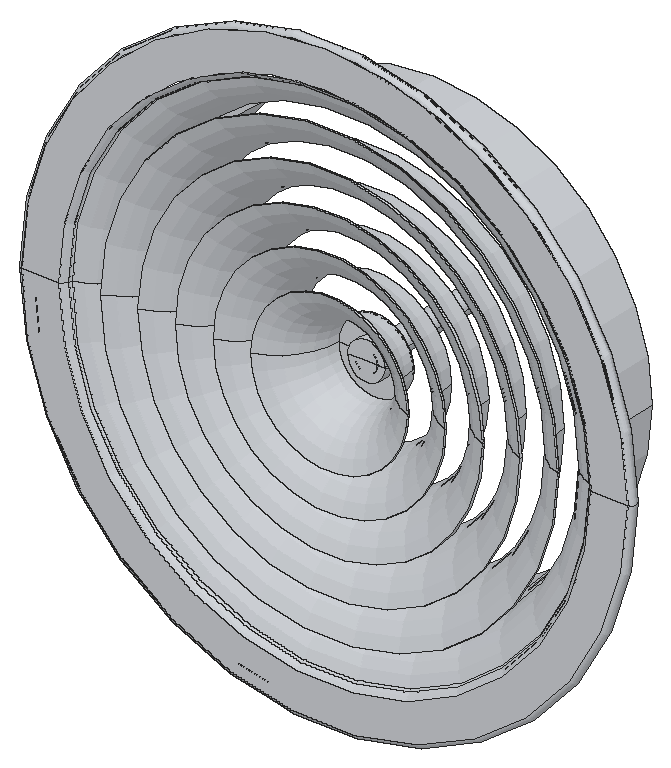
Revit family "04501_TOR", category Air Terminals, Revit 2012
Parameters (values of type "TOR")
  Visible_Texto = or(not(or(Tamaño = 6", Tamaño = 8", Tamaño = 10", Tamaño = 12", Tamaño = 14", Tamaño = 16")), and(Tamaño < 6", Tamaño > 16"))  # no
  URL = "https://www.innes.com.mx"
  Type Comments = "Difusor Arquitectónico"
  Tipo de Cuello = "Redondo"
  Tamaño = 10"
  Posición de Instalación = "Techo"
  Nota1 = if(Tamaño < 6", "Tamaño no disponible, mínimo 6 in", if(Tamaño > 16", "Tamaño no disponible, máximo 16 in", if(or(Tamaño = 6", Tamaño = 8", Tamaño = 10", Tamaño = 12", Tamaño = 14", Tamaño = 16"), ".", " Tamaño no Válido. Sólo incrementos de 2 in ")))  # "."
  Model = "TOR"
  Material de Difusor = "Aluminio"
  Manufacturer = "INNES"
  Incrementos de Cuello = "de 2\""
  Función = "Inyección"
  DiametroCuello_Real = if(or(Tamaño < 6", Tamaño = 6"), 5 7/8", if(or(and(Tamaño > 6", Tamaño < 8"), Tamaño = 8"), 7 7/8", if(or(and(Tamaño > 8", Tamaño < 10"), Tamaño = 10"), 9 7/8", if(or(and(Tamaño > 10", Tamaño < 12"), Tamaño = 12"), 11 7/8", if(or(and(Tamaño > 12", Tamaño < 14"), Tamaño = 14"), 13 7/8", if(Tamaño > 14", 15 7/8", 5 7/8"))))))  # 9 7/8"
  Description = "Difusor Redondo"
  Cuello Mín-Máx. = "6\" a 16\""
  Conect = DiametroCuello_Real / 2  # 4 15/16"
Reference planes (in)
  plane 1 "Center (Front/Back)": y = 3.25
  plane 2: z = 0
  plane 3 "Center (Left/Right)": x = 0
Dimensions and locks (in)
  aligned and locked: nested 1 to plane 1 "Center (Front/Back)"
Nested families (in)
  nested 1: "TOR" at (0, 0.1875, 0), type "TOR"
    with Diametro_Cuello_A 9 7/8", Cota_C 3 1/16", Cota_B 13 7/8"
  nested 2: "Texto" at (-3.20371, -76.62386, 0), type "texto"
    with Visible_Texto no
Connectors (in)
  hvac at (0, 3.25, 0), driven by "Conect"
    settings: index 1, duct flow 0.0 L/s, flow factor 0, pres drop 0.0 Pa, loss coef 0, conn angle 0.00°, conn width 304.8 mm, conn height 304.8 mm, conn radius 125.413 mm, duct sys type 1, conn prof type 0, flow config 0, flow direction 0, loss method 0, conn ref index -1, conn util no, is conn primary yes, conn desc ""
Definition of nested family "TOR"
  Parameters (values of type "Tamaño 12")
    Diametro_Cuello_A = 11 7/8"
    Cota_C = if(Diametro_Cuello_A = 5 7/8", 3 3/4", if(or(Diametro_Cuello_A = 7 7/8", Diametro_Cuello_A = 9 7/8"), 3 1/16", if(Diametro_Cuello_A = 11 7/8", 3 3/4", if(or(Diametro_Cuello_A = 13 7/8", Diametro_Cuello_A = 15 7/8"), 3 1/4", 3 3/4"))))  # 3 3/4"
    Cota_B = if(Diametro_Cuello_A = 5 7/8", 10 3/8", if(Diametro_Cuello_A = 7 7/8", 11 15/16", if(Diametro_Cuello_A = 9 7/8", 13 7/8", if(Diametro_Cuello_A = 11 7/8", 16 7/16", if(Diametro_Cuello_A = 13 7/8", 18 1/16", if(Diametro_Cuello_A = 15 7/8", 19 11/16", 10 3/8"))))))  # 16 7/16"
  Types (7): name | Diametro_Cuello_A | Cota_C | Cota_B
    (no name) | 11 7/8" | 3 3/4" | 16 7/16"
    Tamaño 14 | 13 7/8" | 3 1/4" | 18 1/16"
    Tamaño 12 | 11 7/8" | 3 3/4" | 16 7/16"
    Tamaño 16 | 15 7/8" | 3 1/4" | 19 11/16"
    Tamaño 10 | 9 7/8" | 3 1/16" | 13 7/8"
    Tamaño 08 | 7 7/8" | 3 1/16" | 11 15/16"
    Tamaño 06 | 5 7/8" | 3 3/4" | 10 3/8"
  Reference planes (in)
    plane 1 "Center (Front/Back)": y = 0
    plane 2: z = 0
    plane 3 "Center (Left/Right)": x = 0
    plane 4: x = -5.9375
    plane 5: x = -8.21875
    plane 6: x = 8.21875
    plane 7: x = 5.9375
    plane 8: y = 3.75
    plane 9: x = -6.08619
    plane 10: x = -5.07182
    plane 11: x = -4.05746
    plane 12: x = -3.04309
    plane 13: x = -2.02873
    plane 14: x = -1.01436
    plane 15: y = 1.44934
    plane 16: x = -0.50718
    plane 17 "L1": y = 1.18934
  Forms (in)
    Revolve 1, solid
      sketch origin (0, 0, 0) x (1, 0, 0) y (0, 1, 0)
        loop
          line (-5.9375, 3.75) -> (-5.9375, 1.64349) -> (-6.08619, 1.64349) -> (-6.08619, 1.44934)
          arc (-6.08619, 1.44934) -> (-6.4046, 0.66179) -> (-7.12836, 0.21707) r 1.35925
          arc (-7.12836, 0.21707) -> (-7.1779, 0.18679) -> (-7.19123, 0.13028) r 0.07541
          arc (-7.19123, 0.13028) -> (-7.23936, 0.07626) -> (-7.296, 0.03125) r 0.42224
          line (-7.296, 0.03125) -> (-8.10828, 0.03125)
          arc (-8.10828, 0.03125) -> (-8.17619, 0.15545) -> (-8.0348, 0.16218) r 0.08348
          line (-8.0348, 0.16218) -> (-8.00841, 0.1805)
          arc (-8.00841, 0.1805) -> (-8.20203, 0.17488) -> (-8.11872, 0) r 0.11561
          line (-8.11872, 0) -> (-7.28676, 0)
          arc (-7.28676, 0) -> (-7.21568, 0.05566) -> (-7.15703, 0.12429) r 0.45349
          arc (-7.15703, 0.12429) -> (-7.15542, 0.16401) -> (-7.12252, 0.18634) r 0.04416
          arc (-7.12252, 0.18634) -> (-6.38085, 0.64147) -> (-6.05494, 1.44832) r 1.3905
          line (-6.05494, 1.44832) -> (-6.05494, 1.61224) -> (-5.90625, 1.61224) -> (-5.90625, 3.75) -> (-5.9375, 3.75)
        axis (0, 3.75) -> (0, 0)
      angle from 0 to 360
    Revolve 2, solid
      sketch origin (0, 0, 0) x (1, 0, 0) y (0, 1, 0)
        loop
          line (-6.16182, 0.16218) -> (-6.15638, 0.13141)
          arc (-6.15638, 0.13141) -> (-5.36048, 0.58888) -> (-5.04057, 1.44934) r 1.35125
          line (-5.04057, 1.44934) -> (-5.07182, 1.44934)
          arc (-5.07182, 1.44934) -> (-5.38443, 0.60896) -> (-6.16182, 0.16218) r 1.32
        loop
          line (-5.14746, 0.16218) -> (-5.14201, 0.13141)
          arc (-5.14201, 0.13141) -> (-4.34612, 0.58888) -> (-4.02621, 1.44934) r 1.35125
          line (-4.02621, 1.44934) -> (-4.05746, 1.44934)
          arc (-4.05746, 1.44934) -> (-4.37006, 0.60896) -> (-5.14746, 0.16218) r 1.32
        loop
          line (-4.13309, 0.16218) -> (-4.12765, 0.13141)
          arc (-4.12765, 0.13141) -> (-3.33175, 0.58888) -> (-3.01184, 1.44934) r 1.35125
          line (-3.01184, 1.44934) -> (-3.04309, 1.44934)
          arc (-3.04309, 1.44934) -> (-3.3557, 0.60896) -> (-4.13309, 0.16218) r 1.32
        loop
          line (-3.11873, 0.16218) -> (-3.11329, 0.13141)
          arc (-3.11329, 0.13141) -> (-2.31739, 0.58888) -> (-1.99748, 1.44934) r 1.35125
          line (-1.99748, 1.44934) -> (-2.02873, 1.44934)
          arc (-2.02873, 1.44934) -> (-2.34133, 0.60896) -> (-3.11873, 0.16218) r 1.32
        loop
          line (-2.10436, 0.16218) -> (-2.09892, 0.13141)
          arc (-2.09892, 0.13141) -> (-1.30302, 0.58888) -> (-0.98311, 1.44934) r 1.35125
          line (-0.98311, 1.44934) -> (-1.01436, 1.44934)
          arc (-1.01436, 1.44934) -> (-1.32697, 0.60896) -> (-2.10436, 0.16218) r 1.32
        axis (0, 1.44934) -> (0, 0.13141)
      angle from 0 to 360
    Revolve 3, solid
      sketch origin (0, 0, 0) x (1, 0, 0) y (0, 1, 0)
        loop
          line (-1.01436, 1.44934) -> (-1.01436, 1.41809) -> (-0.50718, 1.41809) -> (-0.50718, 1.18934) -> (0, 1.18934) -> (0, 1.44934) -> (-1.01436, 1.44934)
        axis (0, 1.44934) -> (0, 1.18934)
      angle from 0 to 360
    Extrusion 4, solid
      sketch origin (-0.00651, 1.18934, 0) x (1, 0, 0) y (0, 0, 1)
        loop
          circle (0, 0) r 0.25
      from 0 to -2.8799
  Dimensions and locks (in)
    "Cota_B": plane 5 to plane 6
    "Cota_C": plane 1 "Center (Front/Back)" to plane 8
    equal spacing: plane 4, plane 3 "Center (Left/Right)", plane 7
    "Diametro_Cuello_A": plane 4 to plane 7
    equal spacing: plane 5, plane 3 "Center (Left/Right)", plane 6
    locked: plane 9 to plane 4 at 0.14869
    locked: Revolve 1 to Revolve 1 at 1.64349
    equal spacing: plane 9, plane 10, plane 11, plane 12, plane 13, plane 14, plane 3 "Center (Left/Right)"
    equal spacing: plane 14, plane 16, plane 3 "Center (Left/Right)"
    plane 17 "L1" to plane 15 = 0.26"
    aligned and locked: plane 2 to level
    aligned and locked: plane 8 to Revolve 1
    aligned and locked: plane 9 to Revolve 1
    aligned and locked: plane 9 to Revolve 1 sketch curve
    aligned and locked: plane 14 to Revolve 2 sketch curve
    aligned and locked: plane 13 to Revolve 2 sketch curve
    aligned and locked: plane 12 to Revolve 2 sketch curve
    aligned and locked: plane 11 to Revolve 2 sketch curve
    aligned and locked: plane 10 to Revolve 2 sketch curve
    aligned and locked: Revolve 1 to Revolve 2 sketch curve  (x5)
    aligned and locked: plane 14 to Revolve 3 sketch curve
    aligned and locked: plane 3 "Center (Left/Right)" to Revolve 3 sketch curve
    aligned and locked: Revolve 3 sketch curve to plane 16
    aligned and locked: plane 17 "L1" to Revolve 3 sketch curve
  Automatic sketch dimensions
    Revolve 1 sketch curve to Revolve 1 sketch curve = 0"  (x9)
    plane 1 "Center (Front/Back)" to Revolve 1 sketch curve = 0"
    Revolve 1 sketch curve to plane 3 "Center (Left/Right)" = 0"
    Revolve 1 sketch curve to plane 8 = 0"  (x2)
    Revolve 1 sketch curve to Revolve 1 sketch curve = 0.0342"
    Revolve 1 sketch curve to Revolve 1 sketch curve = 0.00924"
    Revolve 1 sketch curve to plane 5 = 0.77631"
    Revolve 1 sketch curve to plane 5 = 0.21034"
    Revolve 1 sketch curve to Revolve 1 sketch curve = 0.0264"
    Revolve 1 sketch curve to Revolve 1 sketch curve = 0.06859"
    Revolve 1 sketch curve to plane 1 "Center (Front/Back)" = 1/32"
    plane 1 "Center (Front/Back)" to Revolve 1 sketch curve = 3/4"
    Revolve 1 sketch curve to plane 4 = 0"
    Revolve 1 sketch curve to Revolve 1 sketch curve = 1/32"  (x2)
    Revolve 1 sketch curve to Revolve 1 sketch curve = 0.479"
    Revolve 1 sketch curve to Revolve 1 sketch curve = 0.23341"
    Revolve 1 sketch curve to Revolve 1 sketch curve = 0.02867"
    Revolve 1 sketch curve to Revolve 1 sketch curve = 0.00584"
    Revolve 1 sketch curve to Revolve 1 sketch curve = 0.16393"
    Revolve 1 sketch curve to Revolve 1 sketch curve = 0.0049"
    Revolve 1 sketch curve to Revolve 1 sketch curve = 0.01044"
    Revolve 1 sketch curve to plane 1 "Center (Front/Back)" = 0.13028"
    Revolve 1 sketch curve to Revolve 1 sketch curve = 0.10477"
    Revolve 1 sketch curve to Revolve 1 sketch curve = 0.04021"
    Revolve 1 sketch curve to Revolve 1 sketch curve = 0.08334"
    Revolve 1 sketch curve to Revolve 1 sketch curve = 0.01826"
    Revolve 1 sketch curve to plane 4 = 1/32"
    Revolve 1 sketch curve to plane 1 "Center (Front/Back)" = 1.44832"
    Revolve 2 sketch curve to Revolve 2 sketch curve = 0"  (x10)
    Revolve 2 sketch curve to plane 15 = 0"  (x6)
    plane 1 "Center (Front/Back)" to Revolve 2 sketch curve = 0"
    Revolve 2 sketch curve to plane 3 "Center (Left/Right)" = 0"
    Revolve 2 sketch curve to plane 10 = 0.07019"
    Revolve 2 sketch curve to Revolve 2 sketch curve = 0.00544"  (x5)
    plane 15 to Revolve 2 sketch curve = 0.01266"  (x5)
    plane 9 to Revolve 2 sketch curve = 0.07019"
    plane 10 to Revolve 2 sketch curve = 1/32"
    plane 11 to Revolve 2 sketch curve = 0.07564"
    Revolve 2 sketch curve to Revolve 2 sketch curve = 1/32"  (x4)
    plane 12 to Revolve 2 sketch curve = 0.07564"
    plane 13 to Revolve 2 sketch curve = 0.07564"
    Revolve 3 sketch curve to plane 3 "Center (Left/Right)" = 0"
    plane 17 "L1" to Revolve 3 sketch curve = 0"
    Revolve 3 sketch curve to plane 15 = 0"  (x2)
    Revolve 3 sketch curve to plane 15 = 1/32"
    Extrusion 4 sketch curve to level = 0"
    Extrusion 4 sketch curve to plane 3 "Center (Left/Right)" = 0.00651"
    radius of Extrusion 4 sketch curve = 1/4"
Definition of nested family "Texto"
  Parameters (values of type "texto")
    texto = "Caudal no Válido"
    Visible_Texto = yes
    Color = rojo
  Reference planes (in)
    plane 1 "Center (Front/Back)": y = 0
    plane 2: z = 0
    plane 3 "Center (Left/Right)": x = 0
